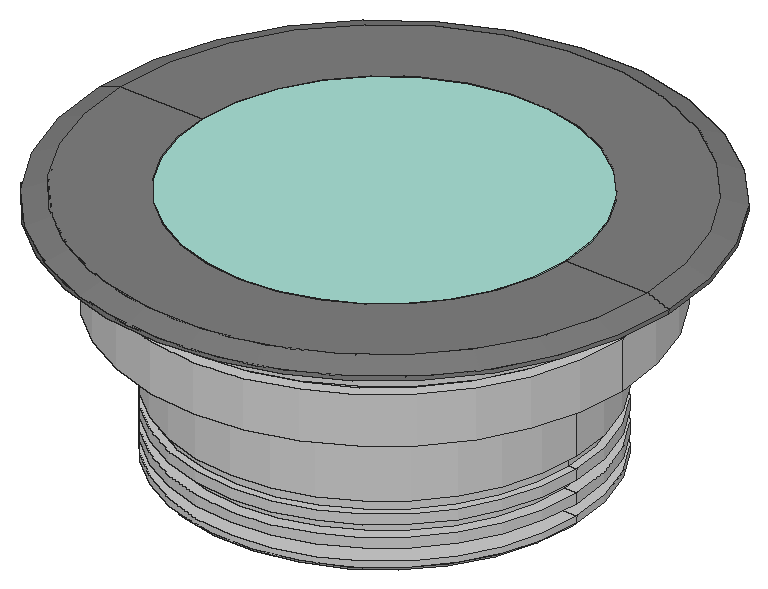
Revit family "Bright 5.F", category Lighting Fixtures, host Face, Revit 2017 (continued)
Types (16, lengths in mm): name | Wattage | Power | Photometric Web File | Optics | built-in parameter 1150142 | built-in parameter 1150105 | Lumens | built-in parameter 1150106 | Apparent Load Phase 1
    .80 5.11 4.52 3.97 3.50 3.08 2.70 2.38 2.13 1.92 1.71 \r\n1.52 1.34 1.18 1.03 0.90 0.79 0.69 0.58 0.49 0.43 0.38 \r\n0.34 0.31 0.28 0.26 0.23 0.21 0.19 0.16 0.14 0.11 0.08 \r\n0.04 0.01 0.00 0.00 0.00 0.00 0.00 0.00 0.00 0.00 0.00 \r\n0.00 0.00 0.00 0.00 0.00 0.00 0.00 0.00 0.00 0.00 0.00 \r\n0.00 0.00 0.00 0.00 0.00 0.00 0.00 0.00 0.00 0.00 0.00 \r\n0.00 0.00 0.00 0.00 0.00 0.00 0.00 0.00 0.00 0.00 0.00 \r\n0.00 0.00 0.00 0.00 0.00 0.00 0.00 0.00 0.00 0.00 0.00 \r\n0.00 0.00 0.00 0.00 0.00 0.00 0.00 0.00 0.00 0.00 0.00 \r\n0.00 0.00 0.00 0.00 0.00 0.00 0.00 0.00 0.00 0.00 0.00 \r\n0.00 0.00 0.00 0.00 0.00 0.00 0.00 0.00 0.00 0.00 0.00 \r\n0.00 0.00 0.00 0.00 \r\n4679.93 4660.84 4568.36 4422.62 4251.52 4034.73 3797.41 \r\n3548.78 3278.82 3019.67 2766.54 2522.16 2271.95 2052.46 \r\n1838.29 1645.09 1458.22 1282.26 1121.14 977.12 848.30 \r\n733.50 634.70 548.64 472.27 407.02 351.22 304.05 264.66 \r\n231.21 202.72 178.58 157.31 139.03 123.13 109.28 96.94 \r\n85.09 74.65 64.93 56.46 49.48 43.52 38.09 33.25 28.70 \r\n24.56 21.15 18.25 15.88 13.82 12.09 10.56 9.29 8.13 7.13 \r\n6.28 5.52 4.84 4.27 3.79 3.36 2.97 2.62 2.32 2.06 1.83 \r\n1.60 1.42 1.23 1.07 0.93 0.82 0.71 0.60 0.52 0.45 0.39 \r\n0.36 0.32 0.30 0.27 0.24 0.22 0.19 0.17 0.14 0.12 0.08 \r\n0.03 0.01 0.00 0.00 0.00 0.00 0.00 0.00 0.00 0.00 0.00 \r\n0.00 0.00 0.00 0.00 0.00 0.00 0.00 0.00 0.00 0.00 0.00 \r\n0.00 0.00 0.00 0.00 0.00 0.00 0.00 0.00 0.00 0.00 0.00 \r\n0.00 0.00 0.00 0.00 0.00 0.00 0.00 0.00 0.00 0.00 0.00 \r\n0.00 0.00 0.00 0.00 0.00 0.00 0.00 0.00 0.00 0.00 0.00 \r\n0.00 0.00 0.00 0.00 0.00 0.00 0.00 0.00 0.00 0.00 0.00 \r\n0.00 0.00 0.00 0.00 0.00 0.00 0.00 0.00 0.00 0.00 0.00 \r\n0.00 0.00 0.00 0.00 0.00 0.00 0.00 0.00 0.00 0.00 0.00 \r\n0.00 0.00 0.00 0.00 \r\n4679.93 4667.62 4589.69 4466.40 4315.28 4126.82 3925.74 \r\n3708.80 3485.32 3272.63 3050.10 2837.81 2613.42 2410.55 \r\n2205.16 2009.00 1821.51 1628.19 1454.03 1279.89 1123.85 \r\n978.73 849.27 731.55 627.57 534.69 459.66 393.09 337.65 \r\n291.59 251.81 218.74 191.66 168.20 147.91 131.11 115.41 \r\n101.50 88.69 77.64 67.23 58.68 51.05 44.68 38.83 33.70 \r\n28.92 24.57 20.85 17.69 15.20 13.27 11.66 10.17 8.93 7.80 \r\n6.85 6.01 5.26 4.61 4.08 3.62 3.21 2.85 2.52 2.23 1.93 \r\n1.70 1.48 1.29 1.11 0.97 0.85 0.74 0.63 0.53 0.46 0.41 \r\n0.37 0.34 0.31 0.28 0.25 0.22 0.20 0.17 0.15 0.12 0.08 \r\n0.04 0.01 0.00 0.00 0.00 0.00 0.00 0.00 0.00 0.00 0.00 \r\n0.00 0.00 0.00 0.00 0.00 0.00 0.00 0.00 0.00 0.00 0.00 \r\n0.00 0.00 0.00 0.00 0.00 0.00 0.00 0.00 0.00 0.00 0.00 \r\n0.00 0.00 0.00 0.00 0.00 0.00 0.00 0.00 0.00 0.00 0.00 \r\n0.00 0.00 0.00 0.00 0.00 0.00 0.00 0.00 0.00 0.00 0.00 \r\n0.00 0.00 0.00 0.00 0.00 0.00 0.00 0.00 0.00 0.00 0.00 \r\n0.00 0.00 0.00 0.00 0.00 0.00 0.00 0.00 0.00 0.00 0.00 \r\n0.00 0.00 0.00 0.00 0.00 0.00 0.00 0.00 0.00 0.00 0.00 \r\n0.00 0.00 0.00 0.00 \r\n4679.93 4673.55 4602.85 4508.91 4376.92 4220.93 4054.43 \r\n3881.24 3694.44 3516.14 3336.46 3159.19 2978.29 2798.44 \r\n2622.10 2440.34 2247.77 2053.59 1866.74 1670.21 1485.32 \r\n1307.01 1144.92 988.96 853.35 728.30 625.23 528.35 448.06 \r\n381.31 322.96 277.17 239.71 207.64 181.03 158.76 139.12 \r\n122.45 105.92 92.67 79.58 69.06 60.15 52.22 45.56 39.61 \r\n33.96 29.03 24.59 20.66 17.43 14.89 12.99 11.31 9.84 8.58 \r\n7.51 6.59 5.73 5.01 4.41 3.88 3.43 3.04 2.66 2.35 2.06 \r\n1.80 1.56 1.35 1.17 1.02 0.89 0.77 0.65 0.55 0.48 0.43 \r\n0.38 0.35 0.32 0.29 0.26 0.23 0.20 0.18 0.15 0.12 0.08 \r\n0.03 0.01 0.00 0.00 0.00 0.00 0.00 0.00 0.00 0.00 0.00 \r\n0.00 0.00 0.00 0.00 0.00 0.00 0.00 0.00 0.00 0.00 0.00 \r\n0.00 0.00 0.00 0.00 0.00 0.00 0.00 0.00 0.00 0.00 0.00 \r\n0.00 0.00 0.00 0.00 0.00 0.00 0.00 0.00 0.00 0.00 0.00 \r\n0.00 0.00 0.00 0.00 0.00 0.00 0.00 0.00 0.00 0.00 0.00 \r\n0.00 0.00 0.00 0.00 0.00 0.00 0.00 0.00 0.00 0.00 0.00 \r\n0.00 0.00 0.00 0.00 0.00 0.00 0.00 0.00 0.00 0.00 0.00 \r\n0.00 0.00 0.00 0.00 0.00 0.00 0.00 0.00 0.00 0.00 0.00 \r\n0.00 0.00 0.00 0.00 \r\n4679.93 4676.73 4620.86 4539.17 4426.47 4301.99 4163.98 \r\n4032.54 3887.35 3751.85 3614.59 3484.03 3344.39 3206.14 \r\n3056.54 2900.73 2723.48 2539.76 2332.98 2141.24 1926.04 \r\n1721.90 1523.52 1332.56 1150.70 985.68 845.59 717.13 \r\n601.81 504.41 426.54 357.82 305.75 259.65 223.57 192.68 \r\n167.20 145.40 126.83 109.81 94.32 80.94 69.67 60.66 52.64 \r\n45.54 39.11 33.49 28.47 24.30 20.64 17.38 14.80 12.71 \r\n11.02 9.53 8.34 7.20 6.29 5.46 4.76 4.15 3.63 3.15 2.78 \r\n2.45 2.18 1.92 1.65 1.43 1.24 1.08 0.94 0.80 0.68 0.58 \r\n0.50 0.44 0.40 0.36 0.33 0.30 0.27 0.24 0.21 0.18 0.15 \r\n0.12 0.08 0.04 0.01 0.00 0.00 0.00 0.00 0.00 0.00 0.00 \r\n0.00 0.00 0.00 0.00 0.00 0.00 0.00 0.00 0.00 0.00 0.00 \r\n0.00 0.00 0.00 0.00 0.00 0.00 0.00 0.00 0.00 0.00 0.00 \r\n0.00 0.00 0.00 0.00 0.00 0.00 0.00 0.00 0.00 0.00 0.00 \r\n0.00 0.00 0.00 0.00 0.00 0.00 0.00 0.00 0.00 0.00 0.00 \r\n0.00 0.00 0.00 0.00 0.00 0.00 0.00 0.00 0.00 0.00 0.00 \r\n0.00 0.00 0.00 0.00 0.00 0.00 0.00 0.00 0.00 0.00 0.00 \r\n0.00 0.00 0.00 0.00 0.00 0.00 0.00 0.00 0.00 0.00 0.00 \r\n0.00 0.00 0.00 0.00 0.00 0.00 \r\n4679.93 4681.99 4633.01 4561.32 4471.15 4371.05 4260.65 \r\n4155.82 4053.21 3961.12 3866.07 3777.83 3683.30 3588.97 \r\n3467.57 3343.43 3196.04 3015.25 2822.70 2612.36 2393.77 \r\n2165.33 1939.25 1715.81 1501.52 1294.27 1112.93 942.09 \r\n793.93 661.30 552.64 463.81 388.40 327.07 276.67 236.67 \r\n201.68 173.27 148.97 129.25 110.07 93.85 80.24 69.43 \r\n59.46 51.05 43.84 37.87 32.79 27.95 24.04 20.37 17.36 \r\n14.45 12.31 10.56 9.18 7.98 6.91 5.95 5.09 4.38 3.77 3.31 \r\n2.89 2.57 2.26 1.99 1.76 1.53 1.32 1.15 0.99 0.84 0.70 \r\n0.60 0.52 0.47 0.42 0.38 0.34 0.31 0.28 0.25 0.22 0.19 \r\n0.16 0.12 0.09 0.03 0.01 0.00 0.00 0.00 0.00 0.00 0.00 \r\n0.00 0.00 0.00 0.00 0.00 0.00 0.00 0.00 0.00 0.00 0.00 \r\n0.00 0.00 0.00 0.00 0.00 0.00 0.00 0.00 0.00 0.00 0.00 \r\n0.00 0.00 0.00 0.00 0.00 0.00 0.00 0.00 0.00 0.00 0.00 \r\n0.00 0.00 0.00 0.00 0.00 0.00 0.00 0.00 0.00 0.00 0.00 \r\n0.00 0.00 0.00 0.00 0.00 0.00 0.00 0.00 0.00 0.00 0.00 \r\n0.00 0.00 0.00 0.00 0.00 0.00 0.00 0.00 0.00 0.00 0.00 \r\n0.00 0.00 0.00 0.00 0.00 0.00 0.00 0.00 0.00 0.00 0.00 \r\n0.00 0.00 0.00 0.00 0.00 0.00 0.00 \r\n4679.93 4684.53 4643.31 4582.88 4507.40 4425.05 4339.09 \r\n4254.66 4179.19 4117.02 4059.29 4011.14 3958.83 3894.71 \r\n3820.39 3719.64 3602.01 3439.35 3263.43 3049.82 2818.43 \r\n2565.77 2339.19 2071.62 1836.83 1597.04 1373.14 1173.00 \r\n984.03 825.68 691.79 574.11 473.57 396.73 329.22 279.80 \r\n234.80 199.60 170.23 146.18 123.95 106.23 89.23 76.30 \r\n65.04 55.45 48.02 41.55 36.22 31.35 26.85 23.05 19.74 \r\n16.59 14.03 11.75 10.06 8.63 7.32 6.29 5.36 4.59 3.95 \r\n3.47 3.02 2.68 2.33 2.07 1.83 1.63 1.41 1.24 1.06 0.89 \r\n0.73 0.62 0.55 0.48 0.44 0.40 0.36 0.32 0.29 0.26 0.23 \r\n0.19 0.16 0.13 0.09 0.04 0.01 0.00 0.00 0.00 0.00 0.00 \r\n0.00 0.00 0.00 0.00 0.00 0.00 0.00 0.00 0.00 0.00 0.00 \r\n0.00 0.00 0.00 0.00 0.00 0.00 0.00 0.00 0.00 0.00 0.00 \r\n0.00 0.00 0.00 0.00 0.00 0.00 0.00 0.00 0.00 0.00 0.00 \r\n0.00 0.00 0.00 0.00 0.00 0.00 0.00 0.00 0.00 0.00 0.00 \r\n0.00 0.00 0.00 0.00 0.00 0.00 0.00 0.00 0.00 0.00 0.00 \r\n0.00 0.00 0.00 0.00 0.00 0.00 0.00 0.00 0.00 0.00 0.00 \r\n0.00 0.00 0.00 0.00 0.00 0.00 0.00 0.00 0.00 0.00 0.00 \r\n0.00 0.00 0.00 0.00 0.00 0.00 0.00 0.00 \r\n4679.93 4684.28 4648.88 4598.13 4527.01 4454.72 4378.32 \r\n4313.86 4260.24 4218.38 4186.75 4163.85 4135.34 4099.98 \r\n4047.87 3971.26 3869.77 3724.18 3553.84 3350.13 3112.19 \r\n2863.65 2613.50 2338.79 2068.73 1815.54 1567.78 1343.34 \r\n1142.26 955.67 799.77 662.14 547.34 452.42 372.14 310.20 \r\n261.78 220.99 187.76 160.33 135.84 115.69 96.71 80.91 \r\n68.59 58.38 50.78 44.20 38.68 33.64 29.30 25.08 21.56 \r\n18.20 15.47 12.97 10.76 9.12 7.65 6.48 5.55 4.77 4.12 \r\n3.61 3.12 2.74 2.40 2.11 1.88 1.67 1.49 1.31 1.11 0.91 \r\n0.75 0.64 0.56 0.50 0.45 0.41 0.37 0.33 0.30 0.26 0.23 \r\n0.20 0.16 0.13 0.09 0.03 0.01 0.00 0.00 0.00 0.00 0.00 \r\n0.00 0.00 0.00 0.00 0.00 0.00 0.00 0.00 0.00 0.00 0.00 \r\n0.00 0.00 0.00 0.00 0.00 0.00 0.00 0.00 0.00 0.00 0.00 \r\n0.00 0.00 0.00 0.00 0.00 0.00 0.00 0.00 0.00 0.00 0.00 \r\n0.00 0.00 0.00 0.00 0.00 0.00 0.00 0.00 0.00 0.00 0.00 \r\n0.00 0.00 0.00 0.00 0.00 0.00 0.00 0.00 0.00 0.00 0.00 \r\n0.00 0.00 0.00 0.00 0.00 0.00 0.00 0.00 0.00 0.00 0.00 \r\n0.00 0.00 0.00 0.00 0.00 0.00 0.00 0.00 0.00 0.00 0.00 \r\n0.00 0.00 0.00 0.00 0.00 0.00 0.00 0.00 \r\n4679.93 4682.91 4650.05 4600.48 4532.96 4463.03 4399.09 \r\n4338.50 4289.44 4254.31 4229.63 4213.39 4196.46 4171.37 \r\n4128.23 4061.15 3970.06 3834.75 3661.12 3458.69 3231.16 \r\n2977.40 2720.12 2433.29 2168.01 1888.70 1643.51 1402.38 \r\n1196.10 996.89 841.76 693.87 568.46 468.59 388.37 325.61 \r\n270.39 228.51 193.14 164.85 139.99 119.35 98.13 82.97 \r\n69.41 59.24 51.62 44.90 39.75 34.52 29.89 25.77 22.25 \r\n18.66 15.96 13.22 11.18 9.17 7.66 6.52 5.61 4.84 4.22 \r\n3.64 3.15 2.77 2.41 2.14 1.91 1.69 1.52 1.33 1.12 0.92 \r\n0.76 0.64 0.56 0.50 0.45 0.41 0.37 0.33 0.30 0.26 0.23 \r\n0.19 0.16 0.13 0.09 0.04 0.01 0.00 0.00 0.00 0.00 0.00 \r\n0.00 0.00 0.00 0.00 0.00 0.00 0.00 0.00 0.00 0.00 0.00 \r\n0.00 0.00 0.00 0.00 0.00 0.00 0.00 0.00 0.00 0.00 0.00 \r\n0.00 0.00 0.00 0.00 0.00 0.00 0.00 0.00 0.00 0.00 0.00 \r\n0.00 0.00 0.00 0.00 0.00 0.00 0.00 0.00 0.00 0.00 0.00 \r\n0.00 0.00 0.00 0.00 0.00 0.00 0.00 0.00 0.00 0.00 0.00 \r\n0.00 0.00 0.00 0.00 0.00 0.00 0.00 0.00 0.00 0.00 0.00 \r\n0.00 0.00 0.00 0.00 0.00 0.00 0.00 0.00 0.00 0.00 0.00 \r\n0.00 0.00 0.00 0.00 0.00 0.00 0.00 0.00 \r\n4679.93 4684.28 4648.88 4598.13 4527.01 4454.72 4378.32 \r\n4313.86 4260.24 4218.38 4186.75 4163.85 4135.34 4099.98 \r\n4047.87 3971.26 3869.77 3724.18 3553.84 3350.13 3112.19 \r\n2863.65 2613.50 2338.79 2068.73 1815.54 1567.78 1343.34 \r\n1142.26 955.67 799.77 662.14 547.34 452.42 372.14 310.20 \r\n261.78 220.99 187.76 160.33 135.84 115.69 96.71 80.91 \r\n68.59 58.38 50.78 44.20 38.68 33.64 29.30 25.08 21.56 \r\n18.20 15.47 12.97 10.76 9.12 7.65 6.48 5.55 4.77 4.12 \r\n3.61 3.12 2.74 2.40 2.11 1.88 1.67 1.49 1.31 1.11 0.91 \r\n0.75 0.64 0.56 0.50 0.45 0.41 0.37 0.33 0.30 0.26 0.23 \r\n0.20 0.16 0.13 0.09 0.03 0.01 0.00 0.00 0.00 0.00 0.00 \r\n0.00 0.00 0.00 0.00 0.00 0.00 0.00 0.00 0.00 0.00 0.00 \r\n0.00 0.00 0.00 0.00 0.00 0.00 0.00 0.00 0.00 0.00 0.00 \r\n0.00 0.00 0.00 0.00 0.00 0.00 0.00 0.00 0.00 0.00 0.00 \r\n0.00 0.00 0.00 0.00 0.00 0.00 0.00 0.00 0.00 0.00 0.00 \r\n0.00 0.00 0.00 0.00 0.00 0.00 0.00 0.00 0.00 0.00 0.00 \r\n0.00 0.00 0.00 0.00 0.00 0.00 0.00 0.00 0.00 0.00 0.00 \r\n0.00 0.00 0.00 0.00 0.00 0.00 0.00 0.00 0.00 0.00 0.00 \r\n0.00 0.00 0.00 0.00 0.00 0.00 0.00 0.00 \r\n4679.93 4684.53 4643.31 4582.88 4507.40 4425.05 4339.09 \r\n4254.66 4179.19 4117.02 4059.29 4011.14 3958.83 3894.71 \r\n3820.39 3719.64 3602.01 3439.35 3263.43 3049.82 2818.43 \r\n2565.77 2339.19 2071.62 1836.83 1597.04 1373.14 1173.00 \r\n984.03 825.68 691.79 574.11 473.57 396.73 329.22 279.80 \r\n234.80 199.60 170.23 146.18 123.95 106.23 89.23 76.30 \r\n65.04 55.45 48.02 41.55 36.22 31.35 26.85 23.05 19.74 \r\n16.59 14.03 11.75 10.06 8.63 7.32 6.29 5.36 4.59 3.95 \r\n3.47 3.02 2.68 2.33 2.07 1.83 1.63 1.41 1.24 1.06 0.89 \r\n0.73 0.62 0.55 0.48 0.44 0.40 0.36 0.32 0.29 0.26 0.23 \r\n0.19 0.16 0.13 0.09 0.04 0.01 0.00 0.00 0.00 0.00 0.00 \r\n0.00 0.00 0.00 0.00 0.00 0.00 0.00 0.00 0.00 0.00 0.00 \r\n0.00 0.00 0.00 0.00 0.00 0.00 0.00 0.00 0.00 0.00 0.00 \r\n0.00 0.00 0.00 0.00 0.00 0.00 0.00 0.00 0.00 0.00 0.00 \r\n0.00 0.00 0.00 0.00 0.00 0.00 0.00 0.00 0.00 0.00 0.00 \r\n0.00 0.00 0.00 0.00 0.00 0.00 0.00 0.00 0.00 0.00 0.00 \r\n0.00 0.00 0.00 0.00 0.00 0.00 0.00 0.00 0.00 0.00 0.00 \r\n0.00 0.00 0.00 0.00 0.00 0.00 0.00 0.00 0.00 0.00 0.00 \r\n0.00 0.00 0.00 0.00 0.00 0.00 0.00 0.00 \r\n4679.93 4681.99 4633.01 4561.32 4471.15 4371.05 4260.65 \r\n4155.82 4053.21 3961.12 3866.07 3777.83 3683.30 3588.97 \r\n3467.57 3343.43 3196.04 3015.25 2822.70 2612.36 2393.77 \r\n2165.33 1939.25 1715.81 1501.52 1294.27 1112.93 942.09 \r\n793.93 661.30 552.64 463.81 388.40 327.07 276.67 236.67 \r\n201.68 173.27 148.97 129.25 110.07 93.85 80.24 69.43 \r\n59.46 51.05 43.84 37.87 32.79 27.95 24.04 20.37 17.36 \r\n14.45 12.31 10.56 9.18 7.98 6.91 5.95 5.09 4.38 3.77 3.31 \r\n2.89 2.57 2.26 1.99 1.76 1.53 1.32 1.15 0.99 0.84 0.70 \r\n0.60 0.52 0.47 0.42 0.38 0.34 0.31 0.28 0.25 0.22 0.19 \r\n0.16 0.12 0.09 0.03 0.01 0.00 0.00 0.00 0.00 0.00 0.00 \r\n0.00 0.00 0.00 0.00 0.00 0.00 0.00 0.00 0.00 0.00 0.00 \r\n0.00 0.00 0.00 0.00 0.00 0.00 0.00 0.00 0.00 0.00 0.00 \r\n0.00 0.00 0.00 0.00 0.00 0.00 0.00 0.00 0.00 0.00 0.00 \r\n0.00 0.00 0.00 0.00 0.00 0.00 0.00 0.00 0.00 0.00 0.00 \r\n0.00 0.00 0.00 0.00 0.00 0.00 0.00 0.00 0.00 0.00 0.00 \r\n0.00 0.00 0.00 0.00 0.00 0.00 0.00 0.00 0.00 0.00 0.00 \r\n0.00 0.00 0.00 0.00 0.00 0.00 0.00 0.00 0.00 0.00 0.00 \r\n0.00 0.00 0.00 0.00 0.00 0.00 0.00 \r\n4679.93 4676.73 4620.86 4539.17 4426.47 4301.99 4163.98 \r\n4032.54 3887.35 3751.85 3614.59 3484.03 3344.39 3206.14 \r\n3056.54 2900.73 2723.48 2539.76 2332.98 2141.24 1926.04 \r\n1721.90 1523.52 1332.56 1150.70 985.68 845.59 717.13 \r\n601.81 504.41 426.54 357.82 305.75 259.65 223.57 192.68 \r\n167.20 145.40 126.83 109.81 94.32 80.94 69.67 60.66 52.64 \r\n45.54 39.11 33.49 28.47 24.30 20.64 17.38 14.80 12.71 \r\n11.02 9.53 8.34 7.20 6.29 5.46 4.76 4.15 3.63 3.15 2.78 \r\n2.45 2.18 1.92 1.65 1.43 1.24 1.08 0.94 0.80 0.68 0.58 \r\n0.50 0.44 0.40 0.36 0.33 0.30 0.27 0.24 0.21 0.18 0.15 \r\n0.12 0.08 0.04 0.01 0.00 0.00 0.00 0.00 0.00 0.00 0.00 \r\n0.00 0.00 0.00 0.00 0.00 0.00 0.00 0.00 0.00 0.00 0.00 \r\n0.00 0.00 0.00 0.00 0.00 0.00 0.00 0.00 0.00 0.00 0.00 \r\n0.00 0.00 0.00 0.00 0.00 0.00 0.00 0.00 0.00 0.00 0.00 \r\n0.00 0.00 0.00 0.00 0.00 0.00 0.00 0.00 0.00 0.00 0.00 \r\n0.00 0.00 0.00 0.00 0.00 0.00 0.00 0.00 0.00 0.00 0.00 \r\n0.00 0.00 0.00 0.00 0.00 0.00 0.00 0.00 0.00 0.00 0.00 \r\n0.00 0.00 0.00 0.00 0.00 0.00 0.00 0.00 0.00 0.00 0.00 \r\n0.00 0.00 0.00 0.00 0.00 0.00 \r\n4679.93 4673.55 4602.85 4508.91 4376.92 4220.93 4054.43 \r\n3881.24 3694.44 3516.14 3336.46 3159.19 2978.29 2798.44 \r\n2622.10 2440.34 2247.77 2053.59 1866.74 1670.21 1485.32 \r\n1307.01 1144.92 988.96 853.35 728.30 625.23 528.35 448.06 \r\n381.31 322.96 277.17 239.71 207.64 181.03 158.76 139.12 \r\n122.45 105.92 92.67 79.58 69.06 60.15 52.22 45.56 39.61 \r\n33.96 29.03 24.59 20.66 17.43 14.89 12.99 11.31 9.84 8.58 \r\n7.51 6.59 5.73 5.01 4.41 3.88 3.43 3.04 2.66 2.35 2.06 \r\n1.80 1.56 1.35 1.17 1.02 0.89 0.77 0.65 0.55 0.48 0.43 \r\n0.38 0.35 0.32 0.29 0.26 0.23 0.20 0.18 0.15 0.12 0.08 \r\n0.03 0.01 0.00 0.00 0.00 0.00 0.00 0.00 0.00 0.00 0.00 \r\n0.00 0.00 0.00 0.00 0.00 0.00 0.00 0.00 0.00 0.00 0.00 \r\n0.00 0.00 0.00 0.00 0.00 0.00 0.00 0.00 0.00 0.00 0.00 \r\n0.00 0.00 0.00 0.00 0.00 0.00 0.00 0.00 0.00 0.00 0.00 \r\n0.00 0.00 0.00 0.00 0.00 0.00 0.00 0.00 0.00 0.00 0.00 \r\n0.00 0.00 0.00 0.00 0.00 0.00 0.00 0.00 0.00 0.00 0.00 \r\n0.00 0.00 0.00 0.00 0.00 0.00 0.00 0.00 0.00 0.00 0.00 \r\n0.00 0.00 0.00 0.00 0.00 0.00 0.00 0.00 0.00 0.00 0.00 \r\n0.00 0.00 0.00 0.00 \r\n4679.93 4667.62 4589.69 4466.40 4315.28 4126.82 3925.74 \r\n3708.80 3485.32 3272.63 3050.10 2837.81 2613.42 2410.55 \r\n2205.16 2009.00 1821.51 1628.19 1454.03 1279.89 1123.85 \r\n978.73 849.27 731.55 627.57 534.69 459.66 393.09 337.65 \r\n291.59 251.81 218.74 191.66 168.20 147.91 131.11 115.41 \r\n101.50 88.69 77.64 67.23 58.68 51.05 44.68 38.83 33.70 \r\n28.92 24.57 20.85 17.69 15.20 13.27 11.66 10.17 8.93 7.80 \r\n6.85 6.01 5.26 4.61 4.08 3.62 3.21 2.85 2.52 2.23 1.93 \r\n1.70 1.48 1.29 1.11 0.97 0.85 0.74 0.63 0.53 0.46 0.41 \r\n0.37 0.34 0.31 0.28 0.25 0.22 0.20 0.17 0.15 0.12 0.08 \r\n0.04 0.01 0.00 0.00 0.00 0.00 0.00 0.00 0.00 0.00 0.00 \r\n0.00 0.00 0.00 0.00 0.00 0.00 0.00 0.00 0.00 0.00 0.00 \r\n0.00 0.00 0.00 0.00 0.00 0.00 0.00 0.00 0.00 0.00 0.00 \r\n0.00 0.00 0.00 0.00 0.00 0.00 0.00 0.00 0.00 0.00 0.00 \r\n0.00 0.00 0.00 0.00 0.00 0.00 0.00 0.00 0.00 0.00 0.00 \r\n0.00 0.00 0.00 0.00 0.00 0.00 0.00 0.00 0.00 0.00 0.00 \r\n0.00 0.00 0.00 0.00 0.00 0.00 0.00 0.00 0.00 0.00 0.00 \r\n0.00 0.00 0.00 0.00 0.00 0.00 0.00 0.00 0.00 0.00 0.00 \r\n0.00 0.00 0.00 0.00 \r\n4679.93 4660.84 4568.36 4422.62 4251.52 4034.73 3797.41 \r\n3548.78 3278.82 3019.67 2766.54 2522.16 2271.95 2052.46 \r\n1838.29 1645.09 1458.22 1282.26 1121.14 977.12 848.30 \r\n733.50 634.70 548.64 472.27 407.02 351.22 304.05 264.66 \r\n231.21 202.72 178.58 157.31 139.03 123.13 109.28 96.94 \r\n85.09 74.65 64.93 56.46 49.48 43.52 38.09 33.25 28.70 \r\n24.56 21.15 18.25 15.88 13.82 12.09 10.56 9.29 8.13 7.13 \r\n6.28 5.52 4.84 4.27 3.79 3.36 2.97 2.62 2.32 2.06 1.83 \r
